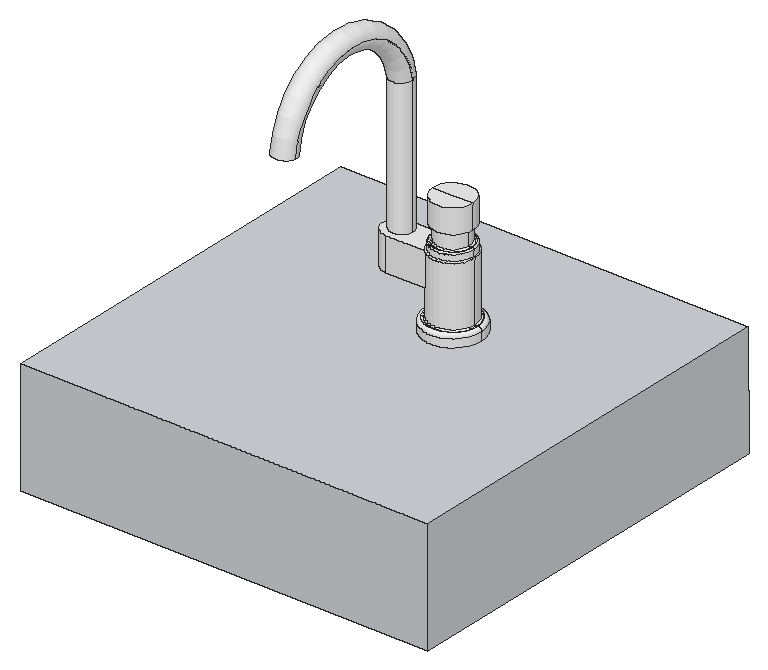
Revit family
Parameters (values of type "1175.C_Cromado CR10")
  Vendido Separadamente = " Ligação Flexível: 30 cm (4607.C.030), 40 cm (4607.C.040), 50 cm (4607.C.050)."  # constant formula
  Variações de COR = "Cromado (1175.C)."  # constant formula
  URL = "www.deca.com.br/produtos"
  Torneira = Deca CR10 Cromado Metal
  Segmento = "Competitivo"  # constant formula
  Raio Água Fria = 7.5 mm  # constant formula
  Produto = "Torneira bica alta mesa Fechamento Automático Decamatic Eco "  # constant formula
  Pressão = "2 A 40 mca"  # constant formula
  Peso Liquido (Kg) = 0.93
  Norma = "ABNT NBR 13713: 2009"  # constant formula
  Model = Código  # "1175.C"
  Material = "Deca_Latão Cromado e Plástico de Engenharia"  # constant formula
  Manufacturer = "Deca"  # constant formula
  Louça/Metais = "Metal"  # constant formula
  Linha = "Decamatic Eco"  # constant formula
  Informações Complementares = "Possui restritor de  vazão constante 8 L/min."  # constant formula
  Flow Pressure = 0.00 psi
  Diâmetro Água Fria = Raio Água Fria * 2  # 15 mm
  Description = "Torneira fechamento automático bica alta mesa"  # constant formula
  Default Elevation = 0 mm
  Código = "1175.C"  # constant formula
  Criado por = "Contino/quattroD"  # constant formula
  Consumo = "6 L/min"  # constant formula
  CWFU = 0
  Atendimento ao Cliente = "0800-0117073"  # constant formula
  Assembly Code = "D2020"
  Aprovado por = "Contino/quattroD"  # constant formula
  Acompanha o Produto = ""
Reference planes
  plane 1 "Center (Front/Back)": y = 0
  plane 2: z = 0
  plane 3 "Center (Left/Right)": x = 0
  plane 4 "Right 2": x = 72
  plane 5 "Left 1": x = -14.031
  plane 6 "Back 1": y = 24.969
  plane 7 "Front 2": y = -137.694
  plane 8 "Front 1": y = -25.125
  plane 9 "Top 1": z = 247.974
  plane 10 "Right 1": x = 47.288
Forms (mm)
  Extrusion 1, solid
    sketch origin (0, 0, 0) x (1, 0, 0) y (0, 1, 0)
      loop
        line (-154.725, 129.463) -> (-154.725, -222.272) -> (203.005, -222.272) -> (203.005, 129.463) -> (-154.725, 129.463)
    from 0 to -100
  Revolve 2, solid, material "Deca CR10 Cromado Metal" <- "Torneira"
    sketch origin (35.23, 0, 0) x (1, 0, 0) y (0, 0, 1)
      loop
        line (12.058, 105.636) -> (-5.459, 105.636) -> (-5.459, 84.558) -> (-2.156, 84.558) -> (-2.156, 71.068)
        arc (-2.156, 71.068) -> (-2.449, 70.361) -> (-3.156, 70.068) r 1
        line (-3.156, 70.068) -> (-4.978, 70.068)
        arc (-4.978, 70.068) -> (-5.685, 69.775) -> (-5.978, 69.068) r 1
        line (-5.978, 69.068) -> (-6.018, 64.001)
        arc (-6.018, 64.001) -> (-6.934, 63.881) -> (-7.361, 63.062) r 1
        line (-7.361, 63.062) -> (-7.361, 11.01)
        arc (-7.361, 11.01) -> (-7.654, 10.303) -> (-8.361, 10.01) r 1
        line (-8.361, 10.01) -> (-9.963, 10.01)
        arc (-9.963, 10.01) -> (-12.087, 9.13) -> (-12.966, 7.007) r 3.003
        line (-12.966, 7.007) -> (-13, 0) -> (12.058, 0) -> (12.058, 105.636)
      axis (12.058, 105.636) -> (12.058, 0)
    angle from 0 to 360
  Extrusion 3, solid, material "Deca CR10 Cromado Metal" <- "Torneira"
    sketch origin (134.528, 30.712, 82.925) x (0, -1, 0) y (1, 0, 0)
      loop
        line (44.036, -98.94) -> (18.013, -98.94) -> (18.013, -135.31)
        arc (18.013, -135.31) -> (31.024, -148.321) -> (44.036, -135.31) r 13.012
        line (44.036, -135.31) -> (44.036, -98.94)
    from -48.88 to -19.88
  Sweep 4, solid, material "Deca CR10 Cromado Metal" <- "Torneira"
    path origin (-0.003, 33.524, 85.582) x (0, 0, 1) y (0, -1, 0)
      loop
        line (-27.988, 31.024) -> (97.012, 31.024)
        arc (97.012, 31.024) -> (150.727, 97.757) -> (90.956, 159.123) r 64.592
    profile origin (-0.003, 2.5, 120.094) x (0, -1, 0) y (1, 0, 0)
      loop
        circle (0, 0) r 10
Lines and regions (mm)
  Masking region 1
    outline origin (0, 0, 0) x (1, 0, 0) y (0, 0, 1)
      loop
        arc (27.56, 11.011) -> (27.34, 10.392) -> (26.805, 10.01) r 1.095
        line (26.805, 10.01) -> (24.954, 10.01)
        arc (24.954, 10.01) -> (22.865, 9.144) -> (22, 7.055) r 2.954
        line (22, 7.055) -> (22, 0) -> (72, 0) -> (72, 7.006)
        arc (72, 7.006) -> (71.12, 9.13) -> (68.997, 10.01) r 3.003
        line (68.997, 10.01) -> (67.42, 10.01)
        arc (67.42, 10.01) -> (66.682, 10.315) -> (66.377, 11.053) r 1.043
        line (66.377, 11.053) -> (66.377, 63.075)
        arc (66.377, 63.075) -> (65.948, 63.931) -> (65.005, 64.1) r 1.069
        line (65.005, 64.1) -> (65.005, 69.1)
        arc (65.005, 69.1) -> (64.569, 69.94) -> (63.631, 70.068) r 1.028
        line (63.631, 70.068) -> (62.122, 70.068)
        arc (62.122, 70.068) -> (61.458, 70.343) -> (61.183, 71.007) r 0.939
        line (61.183, 71.007) -> (61.183, 84.558) -> (64.515, 84.558) -> (64.515, 103.732)
        arc (64.515, 103.732) -> (63.957, 105.079) -> (62.61, 105.636) r 1.904
        line (62.61, 105.636) -> (31.398, 105.636)
        arc (31.398, 105.636) -> (30.003, 105.058) -> (29.425, 103.663) r 1.973
      loop
        line (27.576, 10.944) -> (27.576, 29.3)
        arc (27.576, 29.3) -> (26.182, 32.667) -> (22.815, 34.062) r 4.761
        line (22.815, 34.062) -> (-13, 34.062)
        arc (-13, 34.062) -> (-13.707, 34.355) -> (-14, 35.062) r 1
        line (-14, 35.062) -> (-14, 63.041)
        arc (-14, 63.041) -> (-13.699, 63.77) -> (-12.97, 64.071) r 1.03
        line (-12.97, 64.071) -> (-10.01, 64.071) -> (-10.01, 237.931)
        arc (-10.01, 237.931) -> (0.332, 247.937) -> (9.99, 237.271) r 10.011
        line (9.99, 237.271) -> (9.99, 64.1) -> (28.955, 64.1) -> (28.955, 69.1)
        arc (28.955, 69.1) -> (29.456, 69.855) -> (30.337, 70.068) r 1.239
        line (30.337, 70.068) -> (31.739, 70.068)
        arc (31.739, 70.068) -> (32.454, 70.364) -> (32.75, 71.079) r 1.012
        line (32.75, 71.079) -> (32.75, 84.558) -> (29.425, 84.558) -> (29.425, 103.732)
  Masking region 2
    outline origin (0, -2.617, 0) x (0, 1, 0) y (0, 0, 1)
      loop
        line (27.524, 0) -> (27.524, 7.007)
        arc (27.524, 7.007) -> (26.645, 9.13) -> (24.521, 10.01) r 3.003
        line (24.521, 10.01) -> (22.919, 10.01)
        arc (22.919, 10.01) -> (22.212, 10.303) -> (21.919, 11.01) r 1
        line (21.919, 11.01) -> (21.919, 63.062)
        arc (21.919, 63.062) -> (21.469, 63.897) -> (20.523, 63.98) r 1
        line (20.523, 63.98) -> (20.523, 69.068)
        arc (20.523, 69.068) -> (20.231, 69.775) -> (19.523, 70.068) r 1
        line (19.523, 70.068) -> (17.714, 70.068)
        arc (17.714, 70.068) -> (17.007, 70.361) -> (16.714, 71.068) r 1
        line (16.714, 71.068) -> (16.714, 84.558) -> (20.017, 84.558) -> (20.017, 103.697)
        arc (20.017, 103.697) -> (19.449, 105.068) -> (18.077, 105.636) r 1.94
        line (18.077, 105.636) -> (12.5, 105.636) -> (12.5, 174.222)
        arc (12.5, 174.222) -> (-9.747, 227.02) -> (-63.071, 247.974) r 73.775
        arc (-63.071, 247.974) -> (-100.95, 235.887) -> (-126.347, 205.294) r 70.823
        line (-126.347, 205.294) -> (-135.063, 179.769) -> (-116.135, 173.306) -> (-108.751, 194.932)
        arc (-108.751, 194.932) -> (-51.781, 227.354) -> (-7.617, 178.914) r 52.484
        line (-7.617, 178.914) -> (-7.617, 105.636) -> (-13.194, 105.636)
        arc (-13.194, 105.636) -> (-14.566, 105.068) -> (-15.134, 103.697) r 1.94
        line (-15.134, 103.697) -> (-15.134, 84.558) -> (-11.831, 84.558) -> (-11.831, 71.068)
        arc (-11.831, 71.068) -> (-12.123, 70.361) -> (-12.831, 70.068) r 1
        line (-12.831, 70.068) -> (-14.64, 70.068)
        arc (-14.64, 70.068) -> (-15.347, 69.775) -> (-15.64, 69.068) r 1
        line (-15.64, 69.068) -> (-15.64, 63.98)
        arc (-15.64, 63.98) -> (-16.771, 63.739) -> (-16.919, 62.593) r 1
        line (-16.919, 62.593) -> (-16.919, 11.01)
        arc (-16.919, 11.01) -> (-17.212, 10.303) -> (-17.919, 10.01) r 1
        line (-17.919, 10.01) -> (-19.521, 10.01)
        arc (-19.521, 10.01) -> (-21.645, 9.13) -> (-22.524, 7.007) r 3.003
        line (-22.524, 7.007) -> (-22.524, 0) -> (27.524, 0)
  Masking region 3
    outline origin (0, 0, 0) x (1, 0, 0) y (0, 1, 0)
      loop
        arc (26.65, -14) -> (54.711, -23.93) -> (72.415, 0) r 25.024
        arc (72.415, 0) -> (54.711, 23.93) -> (26.65, 14) r 25.024
        line (26.65, 14) -> (-0.585, 14)
        arc (-0.585, 14) -> (-9.777, 10.192) -> (-13.585, 1) r 13
        line (-13.585, 1) -> (-13.585, -1)
        arc (-13.585, -1) -> (-12.545, -6.095) -> (-9.591, -10.375) r 13
        line (-9.591, -10.375) -> (-9.591, -127.714)
        arc (-9.591, -127.714) -> (0.406, -137.711) -> (10.403, -127.714) r 9.997
        line (10.403, -127.714) -> (10.403, -14) -> (26.65, -14)
  symbolic lines
    curve 1: line (67.197, 0, 10.01) -> (26.341, 0, 10.01)
    curve 2: spline (10, 0, 176.552) -> (9.659, 0, 177.358) -> (8.66, 0, 178.109) -> (7.071, 0, 178.755) -> (5, 0, 179.25) -> (2.588, 0, 179.561) -> (0, 0, 179.667) -> (-2.588, 0, 179.561) -> (-5, 0, 179.25) -> (-7.071, 0, 178.755) -> (-8.66, 0, 178.109) -> (-9.659, 0, 177.358) -> (-10, 0, 176.552) -> (-9.659, 0, 175.746) -> (-8.66, 0, 174.994) -> (-7.071, 0, 174.349) -> (-5, 0, 173.854) -> (-2.588, 0, 173.543) -> (0, 0, 173.437) -> (2.588, 0, 173.543) -> (5, 0, 173.854) -> (7.071, 0, 174.349) -> (8.66, 0, 174.994) -> (9.659, 0, 175.746) -> (10, 0, 176.552)
    curve 3: line (29.454, 0, 103.637) -> (64.454, 0, 103.637)
    curve 4: line (32.712, 0, 84.558) -> (61.23, 0, 84.558)
    curve 5: line (-14.031, 0, 63.062) -> (66.394, 0, 63.062)
    curve 6: line (32.106, 0, 70.068) -> (61.87, 0, 70.068)
    curve 7: line (28.929, 0, 64.062) -> (65.045, 0, 64.062)
    curve 8: line (-1, 0, 35.062) -> (-1, 0, 63.062)
    curve 9: line (-14.031, 0, 35.062) -> (31.637, 0, 35.062)
    curve 10: line (31.637, 0, 35.062) -> (31.637, 0, 63.062)
    curve 11: line (34.778, 0, 63.062) -> (34.778, 0, 35.062)
    curve 12: arc (34.778, 0, 63.062) -> (34.324, 0, 63.934) -> (33.35, 0, 64.062) r 1.064
    curve 13: arc (33.35, 0, 64.062) -> (32.363, 0, 63.784) -> (31.637, 0, 63.062) r 2.036
    curve 14: arc (34.778, 0, 35.062) -> (33.622, 0, 31.397) -> (30.573, 0, 29.057) r 6.39
    curve 15: arc (26.905, 0, 33.984) -> (29.604, 0, 32.164) -> (30.573, 0, 29.057) r 4.913
    curve 16: arc (31.637, 0, 35.062) -> (29.055, 0, 34.114) -> (26.305, 0, 34.046) r 8.447
    curve 17: line (30.573, 0, 29.057) -> (27.555, 0, 29.057)
    curve 18: line (26.536, 0, 34.017) -> (23.077, 0, 34.017)
    curve 19: line (0, -20.536, 10.01) -> (0, 20.302, 10.01)
    curve 20: line (0, -15.227, 35.062) -> (0, -15.227, 63.062)
    curve 21: line (0, -10.455, 29.062) -> (0, 10.221, 29.062)
    curve 22: line (0, 14.992, 63.062) -> (0, 14.992, 35.062)
    curve 23: arc (0, -15.227, 63.062) -> (0, -14.645, 63.751) -> (0, -13.799, 64.062) r 1.764
    curve 24: arc (0, 13.404, 64.062) -> (0, 14.336, 63.781) -> (0, 14.992, 63.062) r 1.832
    curve 25: arc (0, 14.992, 35.062) -> (0, 13.654, 31.229) -> (0, 10.221, 29.062) r 6.158
    curve 26: arc (0, -15.227, 35.062) -> (0, -13.888, 31.229) -> (0, -10.455, 29.062) r 6.158
    curve 27: line (0, -10.117, 105.507) -> (0, -10.117, 64.408)
    curve 28: line (0, 9.883, 105.507) -> (0, 9.883, 64.062)
    curve 29: line (0, -18.141, 64.062) -> (0, 17.906, 64.062)
    curve 30: line (0, -15.331, 70.068) -> (0, -10.117, 70.068)
    curve 31: line (0, 15.097, 70.068) -> (0, 9.883, 70.068)
    curve 32: line (0, -10.117, 84.558) -> (0, -14.331, 84.558)
    curve 33: line (0, 14.097, 84.558) -> (0, 9.883, 84.558)
    curve 34: line (10.415, -14, 0) -> (10.415, 0, 0)
    curve 35: line (-9.591, -10.375, 0) -> (-9.591, 0, 0)
    curve 36: arc (-9.591, 0, 0) -> (0.412, 10.003, 0) -> (10.415, 0, 0) r 10.003
    curve 37: arc (-0.585, 13, 0) -> (-9.07, 9.485, 0) -> (-12.585, 1, 0) r 12
    curve 38: line (-12.585, 1, 0) -> (-12.585, -1, 0)
    curve 39: arc (-12.585, -1, 0) -> (-11.812, -5.238, 0) -> (-9.592, -8.93, 0) r 12
    curve 40: line (35.65, 13, 0) -> (-0.585, 13, 0)
    curve 41: line (10.415, -13, 0) -> (35.65, -13, 0)
    curve 42: circle (47.391, 0, 0) r 15.577 normal (0, 0, 1)
    curve 43: circle (47.391, 0, 0) r 17.517 normal (0, 0, 1)
    curve 44: arc (30.393, -14, 0) -> (69.412, 0, 0) -> (30.393, 14, 0) r 22.021
    curve 45: line (26.65, 14, 0) -> (33.934, 14, 0)
    curve 46: line (26.65, -14, 0) -> (33.934, -14, 0)
    curve 47: arc (33.934, -14, 0) -> (66.81, 0, 0) -> (33.934, 14, 0) r 19.419
    curve 48: line (-10.01, 0, 64.071) -> (9.99, 0, 64.071)
Dimensions and locks
  plane 9 "Top 1" to Extrusion 1 = 247.974 mm
  plane 7 "Front 2" to plane 1 "Center (Front/Back)" = 137.694 mm
  plane 7 "Front 2" to plane 6 "Back 1" = 162.662 mm
  plane 6 "Back 1" to plane 8 "Front 1" to plane 7 "Front 2" = 50.094 mm, 112.569 mm
  plane 6 "Back 1" to plane 7 "Front 2" = 162.662 mm
  plane 5 "Left 1" to plane 4 "Right 2" = 86.031 mm  (x2)
  plane 9 "Top 1" to plane 2 = 247.974 mm
  aligned and locked: Extrusion 1 to plane 2
  aligned and locked: level to Extrusion 1
Connectors
  piping at (47.288, 0, 0), driven by "Raio Água Fria", driven by "Flow Pressure", driven by "CWFU"
    settings: on Revolve 2, index 1
